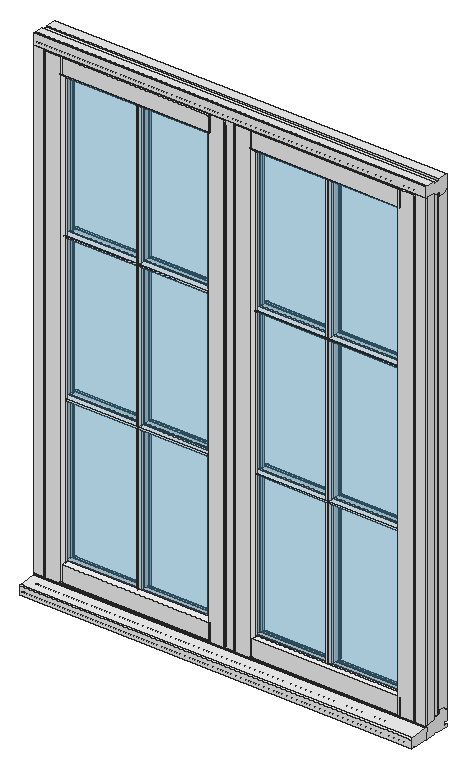
Revit family "C2-6P", category Windows, host Wall, Revit 2012 (continued)
Automatic sketch dimensions
  profile plane to Sweep 34 sketch curve = 3 mm  (x2)
  profile plane to Sweep 34 sketch curve = 8 mm  (x2)
  Sweep 34 sketch curve to Sweep 34 sketch curve = 2 mm  (x3)
  Sweep 34 sketch curve to Sweep 34 sketch curve = 3 mm
  Sweep 34 sketch curve to Sweep 34 sketch curve = 42 mm
  Sweep 34 sketch curve to Sweep 34 sketch curve = 6 mm
  Sweep 34 sketch curve to Sweep 34 sketch curve = 10 mm
  Sweep 34 sketch curve to plane 1 "Center (Front/Back)" = 13 mm
  plane 1 "Center (Front/Back)" to Sweep 34 sketch curve = 6 mm
  Sweep 34 sketch curve to Sweep 34 sketch curve = 18 mm
  plane 1 "Center (Front/Back)" to Sweep 34 sketch curve = 35 mm
  Sweep 34 sketch curve to Sweep 34 sketch curve = 11 mm
  Sweep 35 sketch curve to profile plane = 0 mm
  Sweep 35 sketch curve to profile plane = 3 mm
  Sweep 35 sketch curve to Sweep 35 sketch curve = 0 mm
  Sweep 35 sketch curve to profile plane = 8 mm
  Sweep 35 sketch curve to Sweep 35 sketch curve = 5 mm
  Sweep 35 sketch curve to Sweep 35 sketch curve = 2 mm  (x3)
  Sweep 35 sketch curve to Sweep 35 sketch curve = 3 mm
  Sweep 35 sketch curve to plane 1 "Center (Front/Back)" = 13.5 mm
  Sweep 35 sketch curve to Sweep 35 sketch curve = 41 mm
  Sweep 35 sketch curve to Sweep 35 sketch curve = 6 mm
  Sweep 35 sketch curve to Sweep 35 sketch curve = 10 mm
  plane 1 "Center (Front/Back)" to Sweep 35 sketch curve = 5.5 mm
  Sweep 35 sketch curve to Sweep 35 sketch curve = 18 mm
  plane 1 "Center (Front/Back)" to Sweep 35 sketch curve = 34.5 mm
  Sweep 35 sketch curve to Sweep 35 sketch curve = 11 mm
  Sweep 20 sketch curve to plane 15 = 6 mm
  plane 23 to Sweep 20 sketch curve = 10.164 mm
  Sweep 35 sketch curve to plane 22 = 10 mm
  plane 14 to Sweep 35 sketch curve = 6 mm
  Sweep 7 sketch curve to plane 22 = 10 mm
  plane 14 to Sweep 7 sketch curve = 6 mm
  plane 13 to Sweep 14 sketch curve = 5 mm
  Sweep 14 sketch curve to plane 15 = 6 mm
  plane 23 to Sweep 14 sketch curve = 10.164 mm
  Sweep 8 sketch curve to plane 16 = 5 mm
  Sweep 26 sketch curve to plane 16 = 6 mm
  Sweep 28 sketch curve to plane 16 = 6 mm
